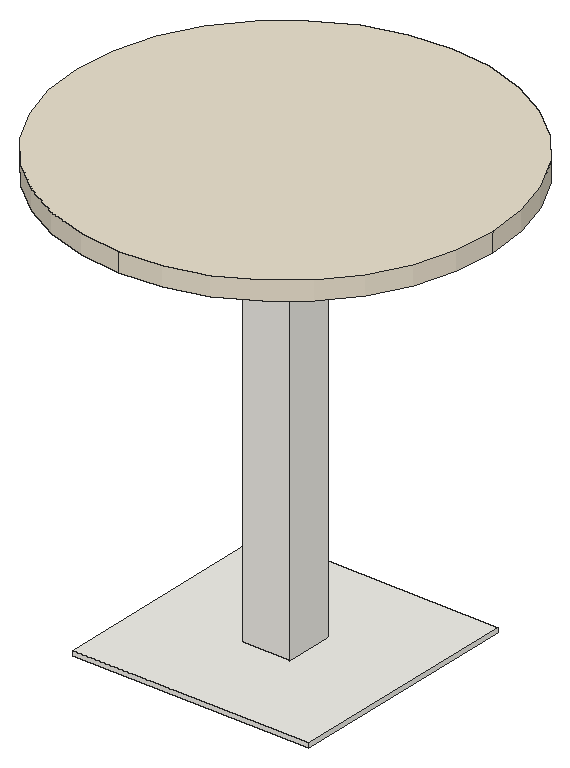
Revit family "FU_Table_Sandler_583-MT", category Furniture, Revit 2020
Family settings
  OmniClass Number = 23.40.20.00
  OmniClass Title = General Furniture and Specialties
  Work Plane-Based = No
  Always vertical = Yes
  Cut with Voids When Loaded = No
  Shared = No
  Room Calculation Point = No
Parameters (values of type "583 MT - 28" Round Top (70cm)")
  Width = 397 mm
  URL = "https://www.sandlerseating.com/product/583-mt/"
  Top Type = FU_TableTops_MT Rnd : 28" Round (70cm)
  Top Elevation = Height  # 720 mm
  Top Finish [instance] = Wood - Beech - Grey Stained
  Model = "583 MT"
  Manufacturer = "Sandler"
  Height = 720 mm
  Frame Finish [instance] = Metal - Paint -AL VR - Pure White
  Description = "Table base. Available in powdercoat painted finishes.\r\nOptional upcharge for outdoor version with galvanized-treated frame and adjustable feet."
  Depth = Width  # 397 mm
  Default Elevation = 0 mm
Types (5, lengths in mm): name | Top Type
  (no name) | FU_TableTops_MT Rnd : 28" Round (70cm)
  583 MT - 24" Square Top (60cm) | FU_TableTops_MT Sqr : 24" Square (60cm)
  583 MT - 28" Square Top (70cm) | FU_TableTops_MT Sqr : 28" Square (70cm)
  583 MT - 24" Round Top (60cm) | FU_TableTops_MT Rnd : 24" Round (60cm)
  583 MT - 28" Round Top (70cm) | FU_TableTops_MT Rnd : 28" Round (70cm)
Reference planes
  plane 1 "Center (Front/Back)": y = 0
  plane 2: z = 0
  plane 3 "Center (Left/Right)": x = 0
  plane 4 "Right": x = -198.5
  plane 5 "Left": x = 198.5
  plane 6 "Back": y = 198.5
  plane 7 "Front": y = -198.5
  plane 8 "Height": z = 720
  plane 9 "Top Support": z = 700
  plane 10 "Glide Height": z = 6
  plane 11 "Base height": z = 14
  plane 12 "R Pad C": x = -182.5
  plane 13 "B Pad C": y = 182.5
  plane 14 "L Pad C": x = 182.5
  plane 15 "F Pad C": y = -182.5
Forms (mm)
  Extrusion 1, solid, material "Metal - Paint -AL VR - Pure White" <- "Frame Finish"
    sketch origin (0, 0, 6) x (-1, 0, 0) y (0, -1, 0)
      loop
        line (198.5, -198.5) -> (198.5, 198.5) -> (-198.5, 198.5) -> (-198.5, -198.5) -> (198.5, -198.5)
    from 0 to 8
  Revolve 2, solid, material "Rubber, Black"
    sketch origin (0, 0, 0) x (1, 0, 0) y (0, 0, 1)
      loop
        line (-182.5, 0) -> (-182.5, 6) -> (-190.5, 6) -> (-190.5, 2)
        arc (-190.5, 2) -> (-189.914, 0.586) -> (-188.5, 0) r 2
        line (-188.5, 0) -> (-182.5, 0)
      axis (-182.5, 6) -> (-182.5, 0)
    angle from 0 to 360
  Revolve 3, solid, material "Rubber, Black"
    sketch origin (0, 0, 0) x (-1, 0, 0) y (0, 0, 1)
      loop
        line (-182.5, 0) -> (-182.5, 6) -> (-190.5, 6) -> (-190.5, 2)
        arc (-190.5, 2) -> (-189.914, 0.586) -> (-188.5, 0) r 2
        line (-188.5, 0) -> (-182.5, 0)
      axis (-182.5, 6) -> (-182.5, 0)
    angle from 0 to 360
  Revolve 4, solid, material "Rubber, Black"
    sketch origin (0, 0, 0) x (0, 1, 0) y (0, 0, 1)
      loop
        line (-182.5, 6) -> (-190.5, 6) -> (-190.5, 2)
        arc (-190.5, 2) -> (-189.914, 0.586) -> (-188.5, 0) r 2
        line (-188.5, 0) -> (-182.5, 0) -> (-182.5, 6)
      axis (-182.5, 6) -> (-182.5, 0)
    angle from 0 to 360
  Revolve 5, solid, material "Rubber, Black"
    sketch origin (0, 0, 0) x (0, -1, 0) y (0, 0, 1)
      loop
        line (-182.5, 6) -> (-190.5, 6) -> (-190.5, 2)
        arc (-190.5, 2) -> (-189.914, 0.586) -> (-188.5, 0) r 2
        line (-188.5, 0) -> (-182.5, 0) -> (-182.5, 6)
      axis (-182.5, 6) -> (-182.5, 0)
    angle from 0 to 360
  Extrusion 6, solid, material "Metal - Paint -AL VR - Pure White" <- "Frame Finish"
    sketch origin (0, 0, 6) x (-1, 0, 0) y (0, -1, 0)
      loop
        line (-40, 40) -> (-40, -40) -> (40, -40) -> (40, 40) -> (-40, 40)
    from 0 to 694
Dimensions and locks
  equal spacing: plane 4 "Right", plane 3 "Center (Left/Right)", plane 5 "Left"
  "Width": plane 4 "Right" to plane 5 "Left"
  equal spacing: plane 6 "Back", plane 1 "Center (Front/Back)", plane 7 "Front"
  "Depth": plane 6 "Back" to plane 7 "Front"
  "Height": plane 8 "Height" to level
  locked: plane 8 "Height" to plane 9 "Top Support" at 20
  locked: plane 4 "Right" to plane 12 "R Pad C" at 16
  plane 14 "L Pad C" to plane 5 "Left" = 16 mm
  locked: plane 6 "Back" to plane 13 "B Pad C" at 16
  locked: plane 15 "F Pad C" to plane 7 "Front" at 16
  aligned and locked: level to plane 2
  aligned and locked: plane 11 "Base height" to Extrusion 1
  aligned and locked: Extrusion 1 to plane 11 "Base height"  (x3)
  aligned and locked: plane 8 "Height" to nested 1
  aligned and locked: Extrusion 6 to plane 10 "Glide Height"
  aligned and locked: plane 9 "Top Support" to Extrusion 6
  aligned and locked: Extrusion 1 sketch curve to plane 6 "Back"
  aligned and locked: Extrusion 1 sketch curve to plane 4 "Right"
  aligned and locked: plane 7 "Front" to Extrusion 1 sketch curve
  aligned and locked: plane 5 "Left" to Extrusion 1 sketch curve
Automatic sketch dimensions
  Revolve 2 sketch curve to plane 10 "Glide Height" = 0 mm
  Revolve 2 sketch curve to level = 0 mm
  plane 12 "R Pad C" to Revolve 2 sketch curve = 0 mm  (x2)
  Revolve 2 sketch curve to Revolve 2 sketch curve = 6 mm
  Revolve 2 sketch curve to Revolve 2 sketch curve = 2 mm
  Revolve 2 sketch curve to level = 10.049 mm
  Revolve 2 sketch curve to plane 11 "Base height" = 2.095 mm
  Revolve 3 sketch curve to plane 10 "Glide Height" = 0 mm
  Revolve 3 sketch curve to level = 0 mm
  Revolve 3 sketch curve to plane 14 "L Pad C" = 0 mm  (x2)
  Revolve 3 sketch curve to Revolve 3 sketch curve = 6 mm
  Revolve 3 sketch curve to Revolve 3 sketch curve = 2 mm
  level to Revolve 3 sketch curve = 10.049 mm
  plane 11 "Base height" to Revolve 3 sketch curve = 2.095 mm
  Revolve 4 sketch curve to plane 10 "Glide Height" = 0 mm
  Revolve 4 sketch curve to level = 0 mm
  Revolve 4 sketch curve to plane 15 "F Pad C" = 0 mm  (x2)
  level to Revolve 4 sketch curve = 2 mm
  plane 15 "F Pad C" to Revolve 4 sketch curve = 6 mm
  Revolve 4 sketch curve to level = 5.787 mm
  Revolve 4 sketch curve to plane 11 "Base height" = 1.201 mm
  Revolve 5 sketch curve to plane 10 "Glide Height" = 0 mm
  Revolve 5 sketch curve to level = 0 mm
  Revolve 5 sketch curve to plane 13 "B Pad C" = 0 mm  (x2)
  Revolve 5 sketch curve to level = 2 mm
  Revolve 5 sketch curve to plane 13 "B Pad C" = 6 mm
  Revolve 5 sketch curve to Revolve 5 sketch curve = 5.787 mm
  plane 11 "Base height" to Revolve 5 sketch curve = 1.201 mm
  plane 3 "Center (Left/Right)" to Extrusion 6 sketch curve = 40 mm
  plane 1 "Center (Front/Back)" to Extrusion 6 sketch curve = 40 mm
  Extrusion 6 sketch curve to plane 3 "Center (Left/Right)" = 40 mm
  Extrusion 6 sketch curve to plane 1 "Center (Front/Back)" = 40 mm
Nested families
  nested 1: "MT Top Support" at (0, 0, 0), Frame Finish <- "Frame Finish", type "MT Top Support"
    with Frame Finish Metal - Paint -AL VR - Pure White
  nested 2: "FU_TableTops_MT Rnd" at (0, 0, 0), Top Elevation <- "Top Elevation", Top Finish <- "Top Finish", type <- "Top Type", type "28" Round (70cm)"
    with Top Finish Wood - Beech - Grey Stained, Top Elevation 720 mm
Definition of nested family "MT Top Support"
  Parameters (values of type "MT Top Support")
    Frame Finish [instance] = none
    Default Elevation = 0 mm
  Reference planes
    plane 1 "Center (Front/Back)": y = 0
    plane 2: z = 0
    plane 3 "Center (Left/Right)": x = 0
    plane 4 "Right": x = -210
    plane 5 "Left": x = 210
    plane 6 "Back": y = 210
    plane 7 "Front": y = -210
    plane 8 "Height": z = 720
    plane 9: z = 700
  Forms (mm)
    Extrusion 1, solid, material <- "Frame Finish"
      sketch origin (0, 0, 700) x (-1, 0, 0) y (0, -1, 0)
        loop
          line (48, 44.024) -> (119.736, 115.76)
          arc (119.736, 115.76) -> (116.918, 118.6) -> (114.032, 121.37) r 166.741
          line (114.032, 121.37) -> (40.38, 47.718) -> (-40.38, 47.718) -> (-114.032, 121.37)
          arc (-114.032, 121.37) -> (-116.918, 118.6) -> (-119.736, 115.76) r 166.741
          line (-119.736, 115.76) -> (-48, 44.024) -> (-48, -44.024) -> (-120.014, -116.038)
          arc (-120.014, -116.038) -> (-117.202, -118.884) -> (-114.323, -121.661) r 166.741
          line (-114.323, -121.661) -> (-40.944, -48.282) -> (40.944, -48.282) -> (114.323, -121.661)
          arc (114.323, -121.661) -> (117.202, -118.884) -> (120.014, -116.038) r 166.741
          line (120.014, -116.038) -> (48, -44.024) -> (48, 44.024)
      from 0 to 15
    Extrusion 2, solid, material <- "Frame Finish"
      sketch origin (0, 0, 720) x (-1, 0, 0) y (0, -1, 0)
        loop
          arc (48, 9.198) -> (50.194, 20.46) -> (56.455, 30.074) r 30
          line (56.455, 30.074) -> (155.027, 131.809)
          arc (155.027, 131.809) -> (157.282, 137.439) -> (154.939, 143.033) r 8
          line (154.939, 143.033) -> (142.122, 155.85)
          arc (142.122, 155.85) -> (136.465, 158.193) -> (130.808, 155.85) r 8
          line (130.808, 155.85) -> (32.027, 57.069)
          arc (32.027, 57.069) -> (22.294, 50.566) -> (10.814, 48.282) r 30
          line (10.814, 48.282) -> (-10.814, 48.282)
          arc (-10.814, 48.282) -> (-22.294, 50.566) -> (-32.027, 57.069) r 30
          line (-32.027, 57.069) -> (-130.808, 155.85)
          arc (-130.808, 155.85) -> (-136.465, 158.193) -> (-142.122, 155.85) r 8
          line (-142.122, 155.85) -> (-154.939, 143.033)
          arc (-154.939, 143.033) -> (-157.282, 137.439) -> (-155.027, 131.809) r 8
          line (-155.027, 131.809) -> (-56.455, 30.074)
          arc (-56.455, 30.074) -> (-50.194, 20.46) -> (-48, 9.198) r 30
          line (-48, 9.198) -> (-48, -9.198)
          arc (-48, -9.198) -> (-50.194, -20.46) -> (-56.455, -30.074) r 30
          line (-56.455, -30.074) -> (-155.027, -131.809)
          arc (-155.027, -131.809) -> (-157.282, -137.439) -> (-154.939, -143.033) r 8
          line (-154.939, -143.033) -> (-142.122, -155.85)
          arc (-142.122, -155.85) -> (-136.465, -158.193) -> (-130.808, -155.85) r 8
          line (-130.808, -155.85) -> (-32.027, -57.069)
          arc (-32.027, -57.069) -> (-22.294, -50.566) -> (-10.814, -48.282) r 30
          line (-10.814, -48.282) -> (10.814, -48.282)
          arc (10.814, -48.282) -> (22.294, -50.566) -> (32.027, -57.069) r 30
          line (32.027, -57.069) -> (130.808, -155.85)
          arc (130.808, -155.85) -> (136.465, -158.193) -> (142.122, -155.85) r 8
          line (142.122, -155.85) -> (154.939, -143.033)
          arc (154.939, -143.033) -> (157.282, -137.439) -> (155.027, -131.809) r 8
          line (155.027, -131.809) -> (56.455, -30.074)
          arc (56.455, -30.074) -> (50.194, -20.46) -> (48, -9.198) r 30
          line (48, -9.198) -> (48, 9.198)
        loop
          line (-134.399, -141.055) -> (-124.502, -131.158)
          arc (-124.502, -131.158) -> (-124.502, -125.502) -> (-130.158, -125.502) r 3.999
          line (-130.158, -125.502) -> (-140.055, -135.399)
          arc (-140.055, -135.399) -> (-140, -141.001) -> (-134.399, -141.055) r 4
        loop
          arc (134.399, -141.055) -> (140, -141.001) -> (140.055, -135.399) r 4
          line (140.055, -135.399) -> (130.158, -125.502)
          arc (130.158, -125.502) -> (124.502, -125.502) -> (124.502, -131.158) r 3.999
          line (124.502, -131.158) -> (134.399, -141.055)
        loop
          arc (-134.399, 141.055) -> (-140, 141.001) -> (-140.055, 135.399) r 4
          line (-140.055, 135.399) -> (-130.158, 125.502)
          arc (-130.158, 125.502) -> (-124.502, 125.502) -> (-124.502, 131.158) r 3.999
          line (-124.502, 131.158) -> (-134.399, 141.055)
        loop
          line (134.399, 141.055) -> (124.502, 131.158)
          arc (124.502, 131.158) -> (124.502, 125.502) -> (130.158, 125.502) r 3.999
          line (130.158, 125.502) -> (140.055, 135.399)
          arc (140.055, 135.399) -> (140, 141.001) -> (134.399, 141.055) r 4
        loop
          circle (0, 0) r 7.5
      from -10 to 0
  Dimensions and locks
    equal spacing: plane 4 "Right", plane 3 "Center (Left/Right)", plane 5 "Left"
    plane 4 "Right" to plane 5 "Left" = 420 mm
    equal spacing: plane 6 "Back", plane 1 "Center (Front/Back)", plane 7 "Front"
    plane 6 "Back" to plane 7 "Front" = 420 mm
    plane 8 "Height" to level = 720 mm
    locked: plane 8 "Height" to plane 9 at 20
    aligned and locked: level to plane 2
  Automatic sketch dimensions
    plane 1 "Center (Front/Back)" to Extrusion 2 sketch curve = 0 mm
    Extrusion 2 sketch curve to plane 3 "Center (Left/Right)" = 0 mm
    plane 3 "Center (Left/Right)" to Extrusion 2 sketch curve = 10.814 mm  (x2)
    Extrusion 2 sketch curve to Extrusion 2 sketch curve = 21.213 mm  (x4)
    plane 1 "Center (Front/Back)" to Extrusion 2 sketch curve = 9.198 mm  (x2)
    plane 3 "Center (Left/Right)" to Extrusion 2 sketch curve = 48 mm
    Extrusion 2 sketch curve to plane 1 "Center (Front/Back)" = 30.074 mm  (x2)
    Extrusion 2 sketch curve to Extrusion 2 sketch curve = 8.455 mm  (x4)
    plane 1 "Center (Front/Back)" to Extrusion 2 sketch curve = 30.074 mm  (x2)
    Extrusion 2 sketch curve to plane 1 "Center (Front/Back)" = 9.198 mm  (x2)
    plane 5 "Left" to Extrusion 2 sketch curve = 85.498 mm  (x2)
    Extrusion 2 sketch curve to Extrusion 2 sketch curve = 2.828 mm  (x12)
    Extrusion 2 sketch curve to Extrusion 2 sketch curve = 6.306 mm  (x4)
    Extrusion 2 sketch curve to Extrusion 2 sketch curve = 9.897 mm  (x8)
    Extrusion 2 sketch curve to Extrusion 2 sketch curve = 5.657 mm  (x16)
    Extrusion 2 sketch curve to Extrusion 2 sketch curve = 2.773 mm  (x8)
    Extrusion 2 sketch curve to Extrusion 2 sketch curve = 2.883 mm  (x4)
    Extrusion 2 sketch curve to Extrusion 2 sketch curve = 9.227 mm  (x4)
    Extrusion 2 sketch curve to Extrusion 2 sketch curve = 5.745 mm  (x4)
    Extrusion 2 sketch curve to plane 3 "Center (Left/Right)" = 10.814 mm  (x2)
    Extrusion 2 sketch curve to plane 3 "Center (Left/Right)" = 48 mm
    Extrusion 2 sketch curve to plane 1 "Center (Front/Back)" = 48.282 mm
    Extrusion 2 sketch curve to Extrusion 2 sketch curve = 8.787 mm  (x4)
    Extrusion 2 sketch curve to plane 6 "Back" = 84.498 mm  (x2)
    Extrusion 2 sketch curve to Extrusion 2 sketch curve = 6.307 mm  (x4)
    Extrusion 2 sketch curve to Extrusion 2 sketch curve = 5.567 mm  (x4)
    Extrusion 2 sketch curve to Extrusion 2 sketch curve = 9.138 mm  (x4)
    plane 1 "Center (Front/Back)" to Extrusion 2 sketch curve = 48.282 mm
    plane 7 "Front" to Extrusion 2 sketch curve = 84.498 mm  (x2)
    Extrusion 1 sketch curve to Extrusion 1 sketch curve = 0 mm  (x12)
    Extrusion 1 sketch curve to plane 3 "Center (Left/Right)" = 0 mm
    plane 3 "Center (Left/Right)" to Extrusion 1 sketch curve = 40.38 mm
    plane 3 "Center (Left/Right)" to Extrusion 1 sketch curve = 40.944 mm
    Extrusion 1 sketch curve to Extrusion 1 sketch curve = 7.056 mm  (x2)
    plane 5 "Left" to Extrusion 1 sketch curve = 95.968 mm
    plane 5 "Left" to Extrusion 1 sketch curve = 95.677 mm
    Extrusion 1 sketch curve to Extrusion 1 sketch curve = 5.704 mm  (x2)
    Extrusion 1 sketch curve to Extrusion 1 sketch curve = 5.691 mm  (x2)
    Extrusion 1 sketch curve to plane 3 "Center (Left/Right)" = 40.38 mm
    Extrusion 1 sketch curve to plane 3 "Center (Left/Right)" = 40.944 mm
    Extrusion 1 sketch curve to plane 6 "Back" = 88.339 mm  (x2)
    Extrusion 1 sketch curve to Extrusion 1 sketch curve = 5.623 mm
    Extrusion 1 sketch curve to plane 1 "Center (Front/Back)" = 48.282 mm
    Extrusion 1 sketch curve to Extrusion 1 sketch curve = 4.258 mm  (x2)
    plane 1 "Center (Front/Back)" to Extrusion 1 sketch curve = 44.024 mm  (x2)
    Extrusion 1 sketch curve to Extrusion 1 sketch curve = 3.693 mm
    plane 7 "Front" to Extrusion 1 sketch curve = 94.24 mm  (x2)
    Extrusion 1 sketch curve to plane 4 "Right" = 95.968 mm
    Extrusion 1 sketch curve to plane 4 "Right" = 95.677 mm
    Extrusion 2 sketch curve to plane 4 "Right" = 85.498 mm  (x2)
    radius of Extrusion 2 sketch curve = 7.5 mm
Definition of nested family "FU_TableTops_MT Rnd"
  Parameters (values of type "40" Round (100cm)")
    Width = 1000 mm
    Top Finish [instance] = none
    Top Elevation [instance] = 1100 mm
    Depth = Width  # 1000 mm
    Default Elevation = 0 mm
  Types (5, lengths in mm): name | Width | Depth
    24" Round (60cm) | 600 | 600
    28" Round (70cm) | 700 | 700
    32" Round (80cm) | 800 | 800
    36" Round (90cm) | 900 | 900
    40" Round (100cm) | 1000 | 1000
  Reference planes
    plane 1 "Center (Front/Back)": y = 0
    plane 2: z = 0
    plane 3 "Center (Left/Right)": x = 0
    plane 4 "Right": x = -500
    plane 5 "Left": x = 500
    plane 6 "Back": y = 500
    plane 7 "Front": y = -500
    plane 8 "Elevation": z = 1100
    plane 9 "Top Height": z = 1131.75
  Forms (mm)
    Extrusion 1, solid, material <- "Top Finish"
      sketch origin (0, 0, 1100) x (-1, 0, 0) y (0, -1, 0)
        loop
          arc (0, -500) -> (353.553, -353.553) -> (500, 0) r 500
          arc (500, 0) -> (353.553, 353.553) -> (0, 500) r 500
          arc (0, 500) -> (-353.553, 353.553) -> (-500, 0) r 500
          arc (-500, 0) -> (-353.553, -353.553) -> (0, -500) r 500
      from 0 to 31.75
  Dimensions and locks
    equal spacing: plane 4 "Right", plane 3 "Center (Left/Right)", plane 5 "Left"
    "Width": plane 4 "Right" to plane 5 "Left"
    equal spacing: plane 6 "Back", plane 1 "Center (Front/Back)", plane 7 "Front"
    "Depth": plane 6 "Back" to plane 7 "Front"
    "Top Elevation": plane 8 "Elevation" to level
    locked: plane 9 "Top Height" to plane 8 "Elevation" at 31.75
    aligned and locked: level to plane 2
    aligned and locked: plane 9 "Top Height" to Extrusion 1
  Automatic sketch dimensions
    Extrusion 1 sketch curve to Extrusion 1 sketch curve = 0 mm  (x7)
    plane 1 "Center (Front/Back)" to Extrusion 1 sketch curve = 0 mm  (x2)
    Extrusion 1 sketch curve to plane 5 "Left" = 0 mm
    Extrusion 1 sketch curve to plane 3 "Center (Left/Right)" = 0 mm  (x3)
    Extrusion 1 sketch curve to plane 6 "Back" = 0 mm
